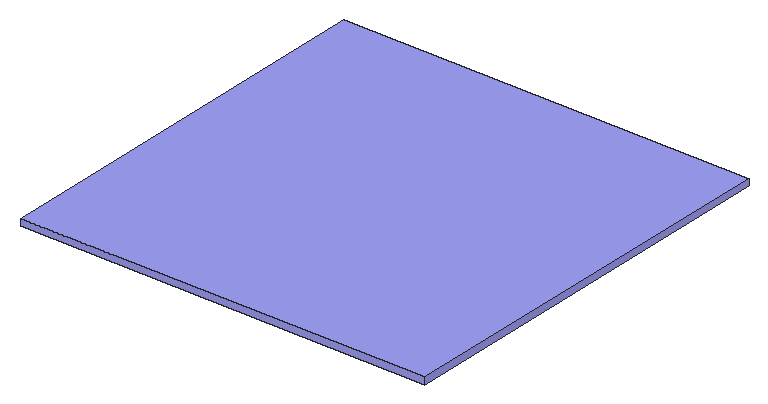
Revit family "Metawall® Facade Element", category Generic Models, host Face, Revit 2013
Parameters (values of type "H15 Vorgehängte hinterlüftete Fassade")
  Width [instance] = 600 mm
  URL = "http://metawell.bimobject.com/Metawall_H15_DE_1"
  UNSPC Code = ""
  UNSPC Category = ""
  Top Right Cut Panel = no
  Top Left Cut Panel = no
  Top Right  Y [instance] = 300 mm
  Top Right  X [instance] = 300 mm
  Top Left Y [instance] = 300 mm
  Top Left X [instance] = 300 mm
  Product group = "Fassadentechnik"
  Product family = "Bau"
  Product data URL = ""
  Product SKU = "Matawell_H15_DE_1"
  Panel Material = Aluminium
  Model = "H15 Vorgehängte hinterlüftete Fassade"
  Panel Full Panel = yes
  Manufacturer = "Metawell GmbH"
  Manufacture country = "Germany"
  Length [instance] = 600 mm
  Installation instructions = ""
  IFC Classification = ""
  Edition number = "1"
  EAN code = ""
  Design country = "Germany"
  Depth [instance] = 10 mm
  Default Elevation = 0 mm
  Date of publishing = "9/11/2012"
  Bottom Right Cut Panel = no
  Bottom Left Cut Panel = no
  Bottom Right Y [instance] = 300 mm
  Bottom Right X [instance] = 300 mm
  Bottom Left Y [instance] = 300 mm
  Bottom Left X [instance] = 300 mm
  BIM objet QR code URL = ""
  BIM object Category = ""
Types (5, lengths in mm): name | URL | Product group | Product family | Product SKU | Model
  (no name) | "http://metawell.bimobject.com/Metawall_H15_DE_1" | "Fassadentechnik" | "Bau" | "Matawell_H15_DE_1" | "H15 Vorgehängte hinterlüftete Fassade"
  H10 Curtain Wall Facade | "http://metawell.bimobject.com/Metawall_H10_EN_1" | "Fasade Elements" | "FACADE ENGINEERING" | "Matawell_H10_EN_1" | "H10 Curtain Wall Facade"
  H10 Vorgehängte hinterlüftete Fassade | "http://metawell.bimobject.com/Metawall_H10_DE_1" | "Fassadentechnik" | "Bau" | "Matawell_H10_DE_1" | "H10 Vorgehängte hinterlüftete Fassade"
  H15 Curtain Wall Facade | "http://metawell.bimobject.com/Metawall_H15_EN_1" | "Fasade Elements" | "FACADE ENGINEERING" | "Matawell_H15_EN_1" | "H15 Curtain Wall Facade"
  H15 Vorgehängte hinterlüftete Fassade | "http://metawell.bimobject.com/Metawall_H15_DE_1" | "Fassadentechnik" | "Bau" | "Matawell_H15_DE_1" | "H15 Vorgehängte hinterlüftete Fassade"
Reference planes
  plane 1 "Center (Front/Back)": y = 0
  plane 2: z = 0
  plane 3 "Center (Left/Right)": x = 0
  plane 4: x = 600
  plane 5: y = 600
  plane 6: z = 10
  plane 7 "Base": z = 0
Forms (mm)
  Extrusion 1, solid, material "Aluminium" <- "Panel Material", visible <- "Bottom Right Cut Panel"
    sketch origin (0, 0, 0) x (1, 0, 0) y (0, 1, 0)
      loop
        line (0, 600) -> (0, 0) -> (300, 0) -> (300, 300) -> (600, 300) -> (600, 600) -> (0, 600)
    from 0 to 10
  Extrusion 2, solid, material "Aluminium" <- "Panel Material", visible <- "Top Right Cut Panel"
    sketch origin (-455.977, -4572, 10) x (-1, 0, 0) y (0, -1, 0)
      loop
        line (-455.977, -5172) -> (-455.977, -4572) -> (-1055.977, -4572) -> (-1055.977, -4872) -> (-755.977, -4872) -> (-755.977, -5172) -> (-455.977, -5172)
    from -10 to 0
  Extrusion 3, solid, material "Aluminium" <- "Panel Material", visible <- "Top Left Cut Panel"
    sketch origin (-455.977, -4572, 10) x (-1, 0, 0) y (0, -1, 0)
      loop
        line (-755.977, -5172) -> (-755.977, -4872) -> (-455.977, -4872) -> (-455.977, -4572) -> (-1055.977, -4572) -> (-1055.977, -5172) -> (-755.977, -5172)
    from -10 to 0
  Extrusion 4, solid, material "Aluminium" <- "Panel Material", visible <- "Bottom Left Cut Panel"
    sketch origin (-455.977, -4572, 10) x (-1, 0, 0) y (0, -1, 0)
      loop
        line (-455.977, -5172) -> (-455.977, -4872) -> (-755.977, -4872) -> (-755.977, -4572) -> (-1055.977, -4572) -> (-1055.977, -5172) -> (-455.977, -5172)
    from -10 to 0
  Extrusion 5, solid, material "Aluminium" <- "Panel Material", visible <- "Panel Full Panel"
    sketch origin (-455.977, -4572, 10) x (-1, 0, 0) y (0, -1, 0)
      loop
        line (-455.977, -5172) -> (-455.977, -4572) -> (-1055.977, -4572) -> (-1055.977, -5172) -> (-455.977, -5172)
    from -10 to 0
Dimensions and locks
  "Length": plane 3 "Center (Left/Right)" to plane 4
  "Width": plane 5 to plane 1 "Center (Front/Back)"
  "Bottom Right Y": plane 1 "Center (Front/Back)" to Extrusion 1 sketch curve
  "Bottom Right X": Extrusion 1 sketch curve to plane 4
  "Top Right  Y": plane 5 to Extrusion 2 sketch curve
  "Top Right  X": Extrusion 2 sketch curve to plane 4
  "Depth": plane 6 to plane 7 "Base"
  plane 7 "Base" to plane 2 = 0 mm
  "Top Left X": plane 3 "Center (Left/Right)" to Extrusion 3 sketch curve
  "Top Left Y": plane 5 to Extrusion 3 sketch curve
  "Bottom Left Y": plane 1 "Center (Front/Back)" to Extrusion 4 sketch curve
  "Bottom Left X": plane 3 "Center (Left/Right)" to Extrusion 4 sketch curve
  plane 3 "Center (Left/Right)" to Extrusion 5 = 600 mm
  aligned and locked: plane 2 to host face
  aligned and locked: level to host face
  aligned and locked: plane 3 "Center (Left/Right)" to Extrusion 1 sketch curve
  aligned and locked: Extrusion 1 sketch curve to plane 1 "Center (Front/Back)"
  aligned and locked: Extrusion 1 sketch curve to plane 5
  aligned and locked: Extrusion 1 sketch curve to plane 4
  aligned: Extrusion 1 to plane 2
  aligned and locked: plane 6 to Extrusion 1
  aligned and locked: Extrusion 2 sketch curve to Extrusion 1  (x2)
  aligned and locked: Extrusion 2 sketch curve to plane 1 "Center (Front/Back)"
  aligned and locked: Extrusion 2 sketch curve to plane 4
  aligned: Extrusion 2 to level
  aligned and locked: Extrusion 2 to Extrusion 1
  aligned and locked: Extrusion 1 to plane 7 "Base"
  aligned and locked: Extrusion 2 to plane 7 "Base"
  aligned and locked: Extrusion 3 sketch curve to Extrusion 1  (x2)
  aligned and locked: Extrusion 3 sketch curve to Extrusion 2  (x2)
  aligned and locked: Extrusion 3 to Extrusion 1  (x2)
  aligned and locked: Extrusion 3 to Extrusion 2
  aligned and locked: Extrusion 4 sketch curve to Extrusion 1  (x2)
  aligned and locked: Extrusion 4 sketch curve to Extrusion 2
  aligned and locked: Extrusion 4 sketch curve to Extrusion 3
  aligned and locked: Extrusion 5 sketch curve to Extrusion 1  (x2)
  aligned and locked: Extrusion 5 sketch curve to Extrusion 2
  aligned and locked: Extrusion 5 sketch curve to Extrusion 3
  aligned and locked: Extrusion 5 to Extrusion 1
  aligned and locked: Extrusion 4 to Extrusion 1  (x2)
  aligned and locked: plane 6 to Extrusion 5
  aligned and locked: Extrusion 4 to Extrusion 2
Automatic sketch dimensions
  host sketch curve to host sketch curve = 2438.4 mm  (x2)
